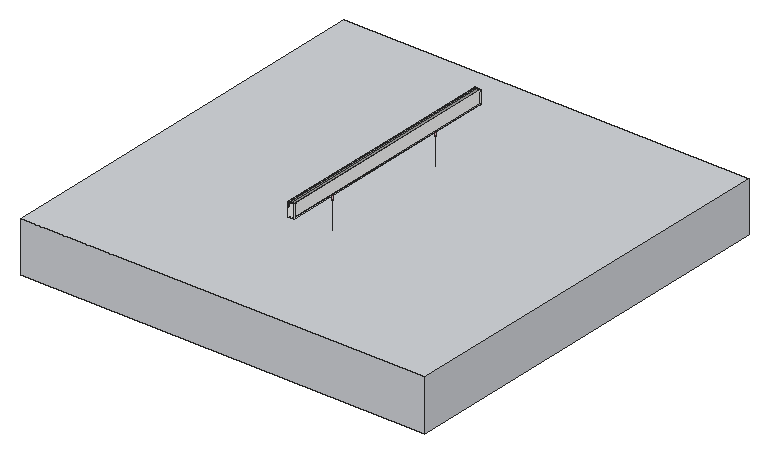
Revit family "LAMP_FIL 35 1400MM OPAL SUSPENDED", category Luminarias, Revit 2018
Family settings
  Anfitrión = Cara
  Cota de conector redondo = Diámetro de uso
  Tipo de pieza = Normal
  Corte con vacíos al cargar = No
  Origen de luz = Sí
  Compartido = No
  Punto de cálculo de habitación = No
Parameters (values of type "1520LM 3000K  BLACK")
  Ángulo de inclinación = -90.00°
  Weight = 3.045 kg
  Wattage = 14.4 W
  Type = "MID POWER TRIDONIC"
  built-in parameter 1150107 = 3000 (stored number, unit not read)
  NOT COVER 2 [instance] = not(END COVER 2)  # no
  NOT COVER 1 [instance] = not(END COVER 1)  # no
  END COVER 2 [instance] = yes
  END COVER 1 [instance] = yes
  Suspension distance [instance] = if(Suspension > 4000 mm, 4000 mm, if(Suspension < 1 mm, 1 mm, Suspension))  # 200 mm
  Suspension [instance] = 200 mm
  built-in parameter 1150110 = 1 (stored number, unit not read)
  built-in parameter 1150109 = 1 (stored number, unit not read)
  built-in parameter 1150112 = 1 (stored number, unit not read)
  built-in parameter 1150113 = 1 (stored number, unit not read)
  built-in parameter 1114218 = 1 (stored number, unit not read)
  Protection rating = "IP20 / IK07"
  Product datasheet = "http://www.lamp.es/product-files/TECH/F31SF140LOOP830NB-EN.pdf"
  Product code = "F31SF140LOOP830NB"
  Product URL = "https://www.lamp.es/en/family/fil-35_413911"
  Power Supply = "220-240V 50/60Hz"
  Power = 14 W
  Plum = 14.4 W
  Photobiological risk = ""
  built-in parameter 1150137 = (empty or 0)
  built-in parameter 1150132 = 2
  Modelo = Product code  # "F31SF140LOOP830NB"
  Model Explanation = ""
  Material suspension = LAMP_Acero genérico
  Material perfil = LAMP_Aluminio Perfil Fil NG
  Material difusor = LAMP_PC Difusor Opal Fil
  Manufacturer name = "LAMP"
  Manufacturer country = "Spain"
  Manufacturer URL = "http://www.lamp.es/en"
  MacAdam = "3"
  Longitud de línea de emisión = 1400 mm
  Last update = "28/04/2021"
  Lamp = "MID-POWER LED"
  LED Lifetime = "50.000 L90 B10"
  built-in parameter 1150105 = 600.88 (stored number, unit not read)
  built-in parameter 1150102 = (empty or 0)
  Insulation class = "I"
  Installation instructions = "https://www.lamp.es/product-files/INS/1004590-A%20INSTR.%20FIL35.pdf"
  built-in parameter 1150106 = 6.0088 (stored number, unit not read)
  IEE = "A+"
  Gear = "Electronic"
  Lumens = 1520.64 lm
  Finish = "Matte black RAL 9011"
  Color Filter = 16777215
  built-in parameter 1114217 = 1 (stored number, unit not read)
  built-in parameter 1150139 = (empty or 0)
  Fabricante = Manufacturer name  # "LAMP"
  Default Elevation = 1219.2 mm
  built-in parameter 1150104 = 9.8106 (stored number, unit not read)
  Efficacy = 105.6 lm/W
  Dimensions = "1400x35x80"
  Descripción = "FIL35 SUR 1400 2000 WW OPAL BK."
  built-in parameter 1150115 = 1 (stored number, unit not read)
  built-in parameter 1150114 = 1 (stored number, unit not read)
  built-in parameter 1150138 = (empty or 0)
  built-in parameter 1150134 = 3
  Dimming Lamp Color Temperature Shift = (empty or 0)
  CRI = "80"
  Archivo de red fotométrica = "F31SF140LOOP830NB.IES"
  built-in parameter 1150133 = 10 (stored number, unit not read)
Types (12, lengths in mm): name | built-in parameter 1150107 | Product datasheet | Product code | Modelo | Material perfil | Finish | Descripción | Archivo de red fotométrica
  1520LM 3000K DALI BLACK | 3000 (stored number, unit not read) | "http://www.lamp.es/product-files/TECH/F31SF140LOOP830DB-EN.pdf" | "F31SF140LOOP830DB" | "F31SF140LOOP830DB" | LAMP_Aluminio Perfil Fil NG | "Matte black RAL 9011" | "FIL35 SUR 1400 2000 WW OPAL DALI BK." | "F31SF140LOOP830nB.IES"
  1520LM 3000K DALI GREY | 3000 (stored number, unit not read) | "http://www.lamp.es/product-files/TECH/F31SF140LOOP830DG-EN.pdf" | "F31SF140LOOP830DG" | "F31SF140LOOP830DG" | LAMP_Aluminio Perfil Fil GR | "Gloss grey" | "FIL35 SUR 1400 2000 WW OPAL DALI GR." | "F31SF140LOOP830nG.IES"
  1520LM 3000K DALI WHITE | 3000 (stored number, unit not read) | "http://www.lamp.es/product-files/TECH/F31SF140LOOP830DW-EN.pdf" | "F31SF140LOOP830DW" | "F31SF140LOOP830DW" | LAMP_Aluminio Perfil Fil BL | "Matte white RAL 9010" | "FIL35 SUR 1400 2000 WW OPAL DALI WH." | "F31SF140LOOP830nW.IES"
  1520LM 3000K  BLACK | 3000 (stored number, unit not read) | "http://www.lamp.es/product-files/TECH/F31SF140LOOP830NB-EN.pdf" | "F31SF140LOOP830NB" | "F31SF140LOOP830NB" | LAMP_Aluminio Perfil Fil NG | "Matte black RAL 9011" | "FIL35 SUR 1400 2000 WW OPAL BK." | "F31SF140LOOP830NB.IES"
  1520LM 3000K  GREY | 3000 (stored number, unit not read) | "http://www.lamp.es/product-files/TECH/F31SF140LOOP830NG-EN.pdf" | "F31SF140LOOP830NG" | "F31SF140LOOP830NG" | LAMP_Aluminio Perfil Fil GR | "Gloss grey" | "FIL35 SUR 1400 2000 WW OPAL GR." | "F31SF140LOOP830NG.IES"
  1520LM 3000K  WHITE | 3000 (stored number, unit not read) | "http://www.lamp.es/product-files/TECH/F31SF140LOOP830NW-EN.pdf" | "F31SF140LOOP830NW" | "F31SF140LOOP830NW" | LAMP_Aluminio Perfil Fil BL | "Matte white RAL 9010" | "FIL35 SUR 1400 2000 WW OPAL WH." | "F31SF140LOOP830NW.IES"
  1520LM 4000K DALI BLACK | 4000 (stored number, unit not read) | "http://www.lamp.es/product-files/TECH/F31SF140LOOP840DB-EN.pdf" | "F31SF140LOOP840DB" | "F31SF140LOOP840DB" | LAMP_Aluminio Perfil Fil NG | "Matte black RAL 9011" | "FIL35 SUR 1400 2000 NW OPAL DALI BK." | "F31SF140LOOP840nB.IES"
  1520LM 4000K DALI GREY | 4000 (stored number, unit not read) | "http://www.lamp.es/product-files/TECH/F31SF140LOOP840DG-EN.pdf" | "F31SF140LOOP840DG" | "F31SF140LOOP840DG" | LAMP_Aluminio Perfil Fil GR | "Gloss grey" | "FIL35 SUR 1400 2000 NW OPAL DALI GR." | "F31SF140LOOP840nG.IES"
  1520LM 4000K DALI WHITE | 4000 (stored number, unit not read) | "http://www.lamp.es/product-files/TECH/F31SF140LOOP840DW-EN.pdf" | "F31SF140LOOP840DW" | "F31SF140LOOP840DW" | LAMP_Aluminio Perfil Fil BL | "Matte white RAL 9010" | "FIL35 SUR 1400 2000 NW OPAL DALI WH." | "F31SF140LOOP840nW.IES"
  1520LM 4000K  BLACK | 4000 (stored number, unit not read) | "http://www.lamp.es/product-files/TECH/F31SF140LOOP840NB-EN.pdf" | "F31SF140LOOP840NB" | "F31SF140LOOP840NB" | LAMP_Aluminio Perfil Fil NG | "Matte black RAL 9011" | "FIL35 SUR 1400 2000 NW OPAL BK." | "F31SF140LOOP840NB.IES"
  1520LM 4000K  GREY | 4000 (stored number, unit not read) | "http://www.lamp.es/product-files/TECH/F31SF140LOOP840NG-EN.pdf" | "F31SF140LOOP840NG" | "F31SF140LOOP840NG" | LAMP_Aluminio Perfil Fil GR | "Gloss grey" | "FIL35 SUR 1400 2000 NW OPAL GR." | "F31SF140LOOP840NG.IES"
  1520LM 4000K  WHITE | 4000 (stored number, unit not read) | "http://www.lamp.es/product-files/TECH/F31SF140LOOP840NW-EN.pdf" | "F31SF140LOOP840NW" | "F31SF140LOOP840NW" | LAMP_Aluminio Perfil Fil BL | "Matte white RAL 9010" | "FIL35 SUR 1400 2000 NW OPAL WH." | "F31SF140LOOP840NW.IES"
Reference planes
  plane 1 "Centro (Frontal/Posterior)": y = 0
  plane 2: z = 0
  plane 3 "Centro (Izquierda/Derecha)": x = 0
Forms (mm)
  Extrusion 1, solid
    sketch origin (0, 0, 0) x (1, 0, 0) y (0, 1, 0)
      loop
        line (-1219.2, 1219.2) -> (-1219.2, -1219.2) -> (1219.2, -1219.2) -> (1219.2, 1219.2) -> (-1219.2, 1219.2)
    from 0 to -304.8
  Extrusion 2, solid, material "LAMP_Aluminio Perfil Fil NG" <- "Material perfil"
    sketch origin (0, 0, 0) x (1, 0, 0) y (0, 0, 1)
      loop
        arc (17.75, 285.7) -> (16.75, 286.7) -> (15.75, 285.7) r 1
        line (15.75, 285.7) -> (15.75, 284.2) -> (13.95, 284.2) -> (13.95, 259) -> (0, 259) -> (-13.95, 259) -> (-13.95, 284.2) -> (-15.75, 284.2) -> (-15.75, 285.7)
        arc (-15.75, 285.7) -> (-16.75, 286.7) -> (-17.75, 285.7) r 1
        line (-17.75, 285.7) -> (-17.75, 206.5) -> (-16.75, 206.5) -> (-16.75, 209.7) -> (-12.5, 209.7) -> (-12.5, 207.7) -> (-14.8, 207.7) -> (-13.6, 206.5) -> (-11, 206.5) -> (-11, 214.5) -> (0, 214.5) -> (11, 214.5) -> (11, 206.5) -> (13.6, 206.5) -> (14.8, 207.7) -> (12.5, 207.7) -> (12.5, 209.7) -> (16.75, 209.7) -> (16.75, 206.5) -> (17.75, 206.5) -> (17.75, 285.7)
    from -700 to 700
  Extrusion 3, solid, material "LAMP_Acero genérico" <- "Material suspension"
    sketch origin (0, 0, 0) x (1, 0, 0) y (0, 0, 1)
      loop
        line (-12.5, 201) -> (-15.291, 208.272) -> (-13.251, 209.7) -> (-14.251, 209.7) -> (-16.291, 208.272) -> (-13.116, 200) -> (0, 200) -> (13.116, 200) -> (16.291, 208.272) -> (14.251, 209.7) -> (13.251, 209.7) -> (15.291, 208.272) -> (12.5, 201) -> (0, 201) -> (-12.5, 201)
    from -400 to -378
  Extrusion 4, solid, material "LAMP_Acero genérico" <- "Material suspension"
    sketch origin (0, -24, 0) x (1, 0, 0) y (0, 1, 0)
      loop
        circle (0, -365) r 5
    from 163.2 to 200
  Extrusion 5, solid, material "LAMP_Acero genérico" <- "Material suspension"
    sketch origin (0, 24, 0) x (1, 0, 0) y (0, 1, 0)
      loop
        circle (0, 365) r 5
    from 163.2 to 200
  Extrusion 6, solid, material "LAMP_Acero genérico" <- "Material suspension"
    sketch origin (0, 0, 0) x (1, 0, 0) y (0, 1, 0)
      loop
        circle (0, -389) r 1
    from 0 to 163.2
  Extrusion 7, solid, material "LAMP_Acero genérico" <- "Material suspension"
    sketch origin (0, 0, 0) x (1, 0, 0) y (0, 1, 0)
      loop
        circle (0, 389) r 1
    from 0 to 163.2
  Extrusion 8, solid, material "LAMP_PC Difusor Opal Fil" <- "Material difusor"
    sketch origin (0, 0, -200) x (1, 0, 0) y (0, 0, 1)
      loop
        line (-15.75, 484.2) -> (0, 484.2) -> (15.75, 484.2) -> (15.75, 486.7) -> (0, 486.7) -> (-15.75, 486.7) -> (-15.75, 484.2)
    from -700 to 700
  Extrusion 9, solid, material "LAMP_Acero genérico" <- "Material suspension"
    sketch origin (0, 0, 0) x (1, 0, 0) y (0, 0, -1)
      loop
        line (-12.5, -201) -> (0, -201) -> (12.5, -201) -> (15.291, -208.272) -> (13.251, -209.7) -> (14.251, -209.7) -> (16.291, -208.272) -> (13.116, -200) -> (0, -200) -> (-13.116, -200) -> (-16.291, -208.272) -> (-14.251, -209.7) -> (-13.251, -209.7) -> (-15.291, -208.272) -> (-12.5, -201)
    from -400 to -378
  Extrusion 10, solid, material "LAMP_PC Difusor Opal Fil" <- "Material difusor"
    sketch origin (0, 0, 0) x (1, 0, 0) y (0, 0, 1)
      loop
        line (-11, 214.5) -> (-11, 206.5) -> (-7.529, 206.5) -> (11, 206.5) -> (11, 214.5) -> (10, 214.5) -> (10, 207.5) -> (-10, 207.5) -> (-10, 214.5) -> (-11, 214.5)
    from -700 to 700
Lines and regions (mm)
  reference lines
    curve 1: line (0, -445.47, 200) -> (0, 544.53, 200)
Text (mm)
  text "Any modification of the parameters and properties of the LAMP BIM models must be executed and validated by the LAMP technical department.\nPhone: +34 93 736 68 00\nE-mail: lamp@lamp.es\n\nLAMP reserves the right to modify the technical specifications of its products." at (3252.211, 5261.782, -2790.614), in view "Preview"
Dimensions and locks
  "Suspension distance": level to curve 1
  locked: Extrusion 4 to Extrusion 4 at 36.8
  locked: Extrusion 5 to Extrusion 5 at 36.8
  aligned and locked: plane 2 to Extrusion 1
  aligned and locked: level to Extrusion 1
  aligned and locked: curve 1 to Extrusion 9
  aligned and locked: curve 1 to Extrusion 3
  aligned and locked: Extrusion 4 to curve 1
  aligned and locked: Extrusion 5 to curve 1
  aligned and locked: Extrusion 6 to Extrusion 4
  aligned and locked: Extrusion 7 to Extrusion 5
  aligned and locked: Extrusion 2 to Extrusion 9
  aligned and locked: Extrusion 10 to Extrusion 2
  aligned and locked: Extrusion 8 to Extrusion 2
  aligned and locked: imposter light to Extrusion 8
  aligned and locked: Extrusion 2 to nested 1
  aligned and locked: nested 2 to Extrusion 2
Automatic sketch dimensions
  Extrusion 1 sketch curve to Extrusion 1 sketch curve = 2438.4 mm  (x2)
  Extrusion 4 sketch curve to plane 3 "Centro (Izquierda/Derecha)" = 0 mm
  plane 1 "Centro (Frontal/Posterior)" to Extrusion 4 sketch curve = 389 mm
  Extrusion 5 sketch curve to plane 3 "Centro (Izquierda/Derecha)" = 0 mm
  plane 1 "Centro (Frontal/Posterior)" to Extrusion 5 sketch curve = 389 mm
  Extrusion 6 sketch curve to plane 3 "Centro (Izquierda/Derecha)" = 0 mm
  plane 1 "Centro (Frontal/Posterior)" to Extrusion 6 sketch curve = 389 mm
  Extrusion 7 sketch curve to plane 3 "Centro (Izquierda/Derecha)" = 0 mm
  plane 1 "Centro (Frontal/Posterior)" to Extrusion 7 sketch curve = 389 mm
  Extrusion 10 sketch curve to plane 3 "Centro (Izquierda/Derecha)" = 11 mm
  Extrusion 10 sketch curve to Extrusion 10 sketch curve = 1 mm  (x3)
  Extrusion 10 sketch curve to Extrusion 10 sketch curve = 2.471 mm
  plane 3 "Centro (Izquierda/Derecha)" to Extrusion 10 sketch curve = 10 mm
  level to Extrusion 10 sketch curve = 206.5 mm
  Extrusion 10 sketch curve to Extrusion 10 sketch curve = 7 mm  (x2)
  Extrusion 2 sketch curve to plane 3 "Centro (Izquierda/Derecha)" = 0 mm  (x2)
  Extrusion 2 sketch curve to Extrusion 2 sketch curve = 11 mm
  Extrusion 2 sketch curve to Extrusion 2 sketch curve = 1.5 mm  (x4)
  Extrusion 2 sketch curve to Extrusion 2 sketch curve = 1.1 mm  (x2)
  Extrusion 2 sketch curve to plane 3 "Centro (Izquierda/Derecha)" = 13.95 mm
  Extrusion 2 sketch curve to Extrusion 2 sketch curve = 1.2 mm  (x4)
  Extrusion 2 sketch curve to Extrusion 2 sketch curve = 1.8 mm  (x2)
  Extrusion 2 sketch curve to Extrusion 2 sketch curve = 1 mm  (x3)
  plane 3 "Centro (Izquierda/Derecha)" to Extrusion 2 sketch curve = 11 mm
  plane 3 "Centro (Izquierda/Derecha)" to Extrusion 2 sketch curve = 13.95 mm
  Extrusion 2 sketch curve to Extrusion 2 sketch curve = 1.95 mm
  level to Extrusion 2 sketch curve = 206.5 mm
  Extrusion 2 sketch curve to Extrusion 2 sketch curve = 0 mm  (x3)
  Extrusion 2 sketch curve to Extrusion 2 sketch curve = 2 mm  (x2)
  Extrusion 2 sketch curve to Extrusion 2 sketch curve = 4.8 mm
  Extrusion 2 sketch curve to Extrusion 2 sketch curve = 44.5 mm
  Extrusion 2 sketch curve to Extrusion 2 sketch curve = 25.2 mm
  Extrusion 2 sketch curve to Extrusion 2 sketch curve = 26.7 mm
  Extrusion 8 sketch curve to plane 3 "Centro (Izquierda/Derecha)" = 0 mm  (x2)
  Extrusion 8 sketch curve to Extrusion 8 sketch curve = 15.75 mm
  plane 3 "Centro (Izquierda/Derecha)" to Extrusion 8 sketch curve = 15.75 mm
  level to Extrusion 8 sketch curve = 284.2 mm
  Extrusion 9 sketch curve to plane 3 "Centro (Izquierda/Derecha)" = 0 mm  (x2)
  Extrusion 9 sketch curve to Extrusion 9 sketch curve = 12.5 mm
  Extrusion 9 sketch curve to Extrusion 9 sketch curve = 0.616 mm  (x2)
  Extrusion 9 sketch curve to Extrusion 9 sketch curve = 0.751 mm  (x2)
  Extrusion 9 sketch curve to Extrusion 9 sketch curve = 1 mm  (x5)
  Extrusion 9 sketch curve to Extrusion 9 sketch curve = 1.04 mm  (x2)
  plane 3 "Centro (Izquierda/Derecha)" to Extrusion 9 sketch curve = 12.5 mm
  level to Extrusion 9 sketch curve = 209.7 mm
  Extrusion 9 sketch curve to Extrusion 9 sketch curve = 0 mm  (x3)
  Extrusion 9 sketch curve to Extrusion 9 sketch curve = 1.428 mm  (x2)
  Extrusion 9 sketch curve to Extrusion 9 sketch curve = 7.272 mm
  Extrusion 3 sketch curve to plane 3 "Centro (Izquierda/Derecha)" = 0 mm  (x2)
  Extrusion 3 sketch curve to Extrusion 3 sketch curve = 12.5 mm
  Extrusion 3 sketch curve to Extrusion 3 sketch curve = 0.616 mm  (x2)
  Extrusion 3 sketch curve to Extrusion 3 sketch curve = 0.751 mm  (x2)
  Extrusion 3 sketch curve to Extrusion 3 sketch curve = 1 mm  (x5)
  Extrusion 3 sketch curve to Extrusion 3 sketch curve = 1.04 mm  (x2)
  plane 3 "Centro (Izquierda/Derecha)" to Extrusion 3 sketch curve = 12.5 mm
  level to Extrusion 3 sketch curve = 200 mm
  Extrusion 3 sketch curve to Extrusion 3 sketch curve = 7.272 mm  (x2)
  Extrusion 3 sketch curve to Extrusion 3 sketch curve = 0 mm  (x2)
  Extrusion 3 sketch curve to Extrusion 3 sketch curve = 1.428 mm  (x2)
  Extrusion 8 sketch curve to Extrusion 8 sketch curve = 2.5 mm
  plane 1 "Centro (Frontal/Posterior)" to curve 1 = 445.47 mm
  curve 1 to plane 1 "Centro (Frontal/Posterior)" = 544.53 mm
  radius of Extrusion 4 sketch curve = 5 mm
  radius of Extrusion 5 sketch curve = 5 mm
  radius of Extrusion 6 sketch curve = 1 mm
  radius of Extrusion 7 sketch curve = 1 mm
Nested families
  nested 1: "LAMP_FIL 35 END COVER SURFACE" at (0, -701.4, 206.5), visible <- "END COVER 1", type "Blanco"
  nested 2: "LAMP_FIL 35 END COVER SURFACE" at (0, 701.4, 206.5), visible <- "END COVER 2", type "Blanco"
Connectors
  electrical at (0, 389, 200)
    settings: on Extrusion 5, index 1, voltage 230 V, apparent load 0 VA, apparent load phase1 0 VA, apparent load phase2 0 VA, apparent load phase3 0 VA, power factor 1, load classification "Otro", number of poles 1, system type 31, power factor state 1, is connector primary yes, connector utility no, sub classification motor no, connector description ""
Definition of nested family "LAMP_FIL 35 END COVER SURFACE"
  Parameters (values of type "Blanco")
    Material tapa = none
  Reference planes
    plane 1 "Centro (Frontal/Posterior)": y = 0
    plane 2: z = 0
    plane 3 "Centro (Izquierda/Derecha)": x = 0
  Forms (mm)
    Extrusion 1, solid, material <- "Material tapa"
      sketch origin (0, 0, 0) x (0, -1, 0) y (0, 0, 1)
        loop
          line (0, 0) -> (1.4, 0) -> (1.4, 80.5) -> (-1.4, 80.5) -> (-1.4, 0) -> (0, 0)
      from -17.8 to 17.8
  Dimensions and locks
    aligned and locked: level to plane 2
